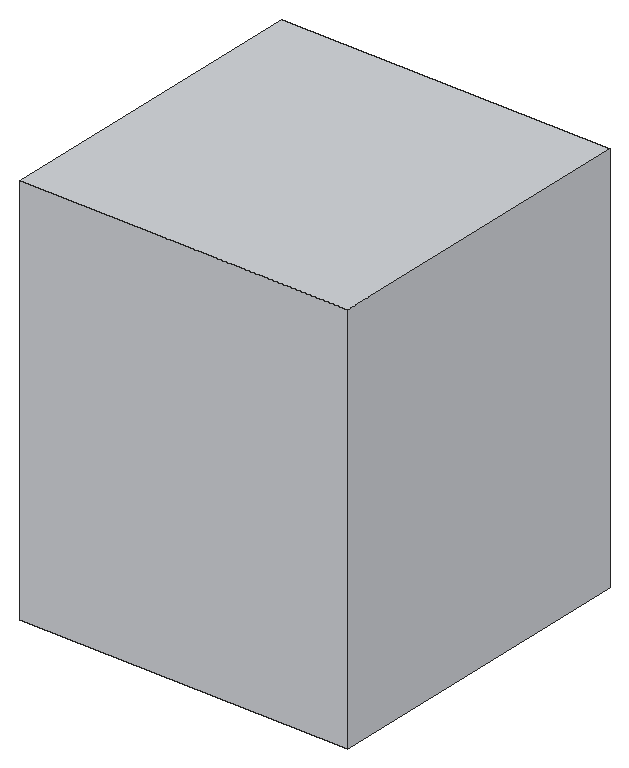
Revit family "PLL - DELIVERY 1 VARIATIONS - PARTS", category Generic Models, Revit 2017
Family settings
  Can host rebar = No
  Round Connector Dimension = Use Diameter
  Part Type = Normal
  Work Plane-Based = No
  Always vertical = Yes
  Cut with Voids When Loaded = No
  Shared = No
  Room Calculation Point = No
Parameters (values of type "50x60cm")
  profondità = 500 mm
  larghezza = 500 mm
  C_spessore [instance] = 600 mm
  C_alteza da terra = 500 mm
Types (5, lengths in mm): name | profondità | larghezza | C_alteza da terra
  30x60cm | 500 | 300 | 1300
  50x60cm | 500 | 500 | 500
  60x60cm | 600 | 600 | 3000
  20x60cm | 500 | 300 | 100
  10x60cm | 500 | 300 | 1000
Reference planes
  plane 1 "Center (Front/Back)": y = 0
  plane 2: z = 0
  plane 3 "Center (Left/Right)": x = 0
  plane 4: x = 500
  plane 5: y = 500
  plane 6 "base": z = 500
  plane 7 "top": z = 1100
Forms (mm)
  Extrusion 1, solid
    sketch origin (0, 0, 0) x (1, 0, 0) y (0, 1, 0)
      loop
        line (0, 500) -> (0, 0) -> (500, 0) -> (500, 500) -> (0, 500)
    from 500 to 1100
Dimensions and locks
  "larghezza": plane 5 to plane 1 "Center (Front/Back)"
  "profondità": plane 3 "Center (Left/Right)" to plane 4
  "C_spessore": plane 6 "base" to plane 7 "top"
  "C_alteza da terra": level to plane 6 "base"
  aligned and locked: level to plane 2
  aligned and locked: Extrusion 1 sketch curve to plane 5
  aligned and locked: plane 3 "Center (Left/Right)" to Extrusion 1 sketch curve
  aligned and locked: Extrusion 1 to plane 6 "base"
  aligned and locked: plane 7 "top" to Extrusion 1
  aligned and locked: Extrusion 1 to plane 4
  aligned and locked: plane 5 to Extrusion 1
  aligned and locked: plane 1 "Center (Front/Back)" to Extrusion 1
  aligned and locked: Extrusion 1 to plane 3 "Center (Left/Right)"
Automatic sketch dimensions
  plane 1 "Center (Front/Back)" to Extrusion 1 sketch curve = 0 mm
  Extrusion 1 sketch curve to plane 4 = 0 mm
